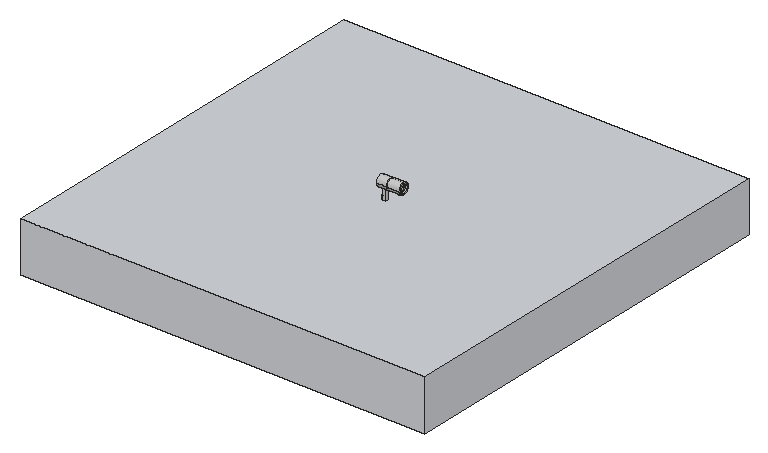
Revit family "LAMP_HANCE 48V 1000-2000 SPOT", category Luminarias, Revit 2015
Parameters (values of type "657LM 2700 SPOT BLACK")
  Weight = 0.435 kg
  Type = "COB PHILIPS"
  Tilting angle [instance] = 90.00°
  Tilting [instance] = if(Tilting angle < 0.00°, 0.00°, if(Tilting angle > 90.00°, 90.00°, Tilting angle))  # 90.00°
  Rotation angle [instance] = 90.00°
  Protection rating = "IP20"
  Product datasheet = "http://www.lamp.es/product-files/TECH/HS1TL10SP827NBB-EN.pdf"
  Product code = "HS1TL10SP827NBB"
  Product URL = "https://www.lamp.es/en/family/hance-48v_195581"
  Power Supply = "48V DC"
  Power = 9 W
  Plum = 9.4 W
  Photometric web file = Cuerpo Hance 48V BASE 1000_2000 (tilting)_SP : 657LM 2700 SPOT BLACK
  Modelo = Product code  # "HS1TL10SP827NBB"
  Model explanation = "Availability of tilting between 0º and 90º, rotation between 0º and 355º and change ring color when placed in a project."
  Material tija = LAMP_Aluminio Hance Negro
  Manufacturer name = "LAMP"
  Manufacturer country = "Spain"
  Manufacturer URL = "http://www.lamp.es/en"
  MacAdam = "3"
  Luminaire type = "Indoor - Spotlight"
  Last update = "28/03/2019"
  Lamp = "COB LED"
  LED Lifetime = "50.000 L90 B10"
  Insulation class = "III"
  Installation instructions = "https://www.lamp.es/product-files/INS/1004290-B-INSTR.%20DE%20MONTAJE%20HANCE%2048V.pdf"
  Initial intensity = 657 lm
  Initial color = 2700 K
  IEE = "A+"
  Height = 135 mm
  Gear = "Electronic"
  Finish = "RAL9011 textured"
  Fabricante = Manufacturer name  # "LAMP"
  Default Elevation = 1219.2 mm
  Efficacy = 70 lm/W
  Diameter = 65 mm
  Descripción = "HANCE TRACK 48 1000 VWW SP BK."
  Decorative ring [instance] = Aro decorativo 48V (tilting) (1000-2000) : Black
  Comentarios de tipo = Model explanation  # "Availability of tilting between 0º and 90º, rotation between 0º and 355º and change ring color when placed in a project."
  CRI = "80"
Types (12, lengths in mm): name | Product datasheet | Product code | Power | Plum | Photometric web file | Modelo | Material tija | LED Lifetime | Initial intensity | Initial color | Finish | Efficacy | Descripción
  657LM 2700 SPOT BLACK | "http://www.lamp.es/product-files/TECH/HS1TL10SP827NBB-EN.pdf" | "HS1TL10SP827NBB" | 9 W | 9.4 W | Cuerpo Hance 48V BASE 1000_2000 (tilting)_SP : 657LM 2700 SPOT BLACK | "HS1TL10SP827NBB" | LAMP_Aluminio Hance Negro | "50.000 L90 B10" | 657 lm | 2700 K | "RAL9011 textured" | 70 lm/W | "HANCE TRACK 48 1000 VWW SP BK."
  657LM 2700 SPOT WHITE | "http://www.lamp.es/product-files/TECH/HS1TL10SP827NBW-EN.pdf" | "HS1TL10SP827NBW" | 9 W | 9.4 W | Cuerpo Hance 48V BASE 1000_2000 (tilting)_SP : 657LM 2700 SPOT WHITE | "HS1TL10SP827NBW" | LAMP_Aluminio Hance Blanco | "50.000 L90 B10" | 657 lm | 2700 K | "RAL9010 textured" | 70 lm/W | "HANCE TRACK 48 1000 VWW SP WH."
  670LM 3000 SPOT BLACK | "http://www.lamp.es/product-files/TECH/HS1TL10SP830NBB-EN.pdf" | "HS1TL10SP830NBB" | 9 W | 9.4 W | Cuerpo Hance 48V BASE 1000_2000 (tilting)_SP : 670LM 3000 SPOT BLACK | "HS1TL10SP830NBB" | LAMP_Aluminio Hance Negro | "50.000 L90 B10" | 670 lm | 3000 K | "RAL9011 textured" | 71 lm/W | "HANCE TRACK 48 1000 WW SP BK."
  670LM 3000 SPOT WHITE | "http://www.lamp.es/product-files/TECH/HS1TL10SP830NBW-EN.pdf" | "HS1TL10SP830NBW" | 9 W | 9.4 W | Cuerpo Hance 48V BASE 1000_2000 (tilting)_SP : 670LM 3000 SPOT WHITE | "HS1TL10SP830NBW" | LAMP_Aluminio Hance Blanco | "50.000 L90 B10" | 670 lm | 3000 K | "RAL9010 textured" | 71 lm/W | "HANCE TRACK 48 1000 WW SP WH."
  710LM 4000 SPOT BLACK | "http://www.lamp.es/product-files/TECH/HS1TL10SP840NBB-EN.pdf" | "HS1TL10SP840NBB" | 9 W | 9.4 W | Cuerpo Hance 48V BASE 1000_2000 (tilting)_SP : 710LM 4000 SPOT BLACK | "HS1TL10SP840NBB" | LAMP_Aluminio Hance Negro | "50.000 L90 B10" | 710 lm | 4000 K | "RAL9011 textured" | 76 lm/W | "HANCE TRACK 48 1000 NW SP BK."
  710LM 4000 SPOT WHITE | "http://www.lamp.es/product-files/TECH/HS1TL10SP840NBW-EN.pdf" | "HS1TL10SP840NBW" | 9 W | 9.4 W | Cuerpo Hance 48V BASE 1000_2000 (tilting)_SP : 710LM 4000 SPOT WHITE | "HS1TL10SP840NBW" | LAMP_Aluminio Hance Blanco | "50.000 L90 B10" | 710 lm | 4000 K | "RAL9010 textured" | 76 lm/W | "HANCE TRACK 48 1000 NW SP WH."
  1427LM 2700 SPOT BLACK | "http://www.lamp.es/product-files/TECH/HS1TL20SP827NBB-EN.pdf" | "HS1TL20SP827NBB" | 18 W | 16.9 W | Cuerpo Hance 48V BASE 1000_2000 (tilting)_SP : 1427LM 2700 SPOT BLACK | "HS1TL20SP827NBB" | LAMP_Aluminio Hance Negro | "50.000 L80 B10" | 1427 lm | 2700 K | "RAL9011 textured" | 84 lm/W | "HANCE TRACK 48 2000 VWW SP BK."
  1427LM 2700 SPOT WHITE | "http://www.lamp.es/product-files/TECH/HS1TL20SP827NBW-EN.pdf" | "HS1TL20SP827NBW" | 18 W | 16.9 W | Cuerpo Hance 48V BASE 1000_2000 (tilting)_SP : 1427LM 2700 SPOT WHITE | "HS1TL20SP827NBW" | LAMP_Aluminio Hance Blanco | "50.000 L80 B10" | 1427 lm | 2700 K | "RAL9010 textured" | 84 lm/W | "HANCE TRACK 48 2000 VWW SP WH."
  1456LM 3000 SPOT BLACK | "http://www.lamp.es/product-files/TECH/HS1TL20SP830NBB-EN.pdf" | "HS1TL20SP830NBB" | 18 W | 16.9 W | Cuerpo Hance 48V BASE 1000_2000 (tilting)_SP : 1456LM 3000 SPOT BLACK | "HS1TL20SP830NBB" | LAMP_Aluminio Hance Negro | "50.000 L80 B10" | 1456 lm | 3000 K | "RAL9011 textured" | 86 lm/W | "HANCE TRACK 48 2000 WW SP BK."
  1456LM 3000 SPOT WHITE | "http://www.lamp.es/product-files/TECH/HS1TL20SP830NBW-EN.pdf" | "HS1TL20SP830NBW" | 18 W | 16.9 W | Cuerpo Hance 48V BASE 1000_2000 (tilting)_SP : 1456LM 3000 SPOT WHITE | "HS1TL20SP830NBW" | LAMP_Aluminio Hance Blanco | "50.000 L80 B10" | 1456 lm | 3000 K | "RAL9010 textured" | 86 lm/W | "HANCE TRACK 48 2000 WW SP WH."
  1542LM 4000 SPOT BLACK | "http://www.lamp.es/product-files/TECH/HS1TL20SP840NBB-EN.pdf" | "HS1TL20SP840NBB" | 18 W | 16.9 W | Cuerpo Hance 48V BASE 1000_2000 (tilting)_SP : 1542LM 4000 SPOT BLACK | "HS1TL20SP840NBB" | LAMP_Aluminio Hance Negro | "50.000 L80 B10" | 1542 lm | 4000 K | "RAL9011 textured" | 91 lm/W | "HANCE TRACK 48 2000 NW SP BK."
  1542LM 4000 SPOT WHITE | "http://www.lamp.es/product-files/TECH/HS1TL20SP840NBW-EN.pdf" | "HS1TL20SP840NBW" | 18 W | 16.9 W | Cuerpo Hance 48V BASE 1000_2000 (tilting)_SP : 1542LM 4000 SPOT WHITE | "HS1TL20SP840NBW" | LAMP_Aluminio Hance Blanco | "50.000 L80 B10" | 1542 lm | 4000 K | "RAL9010 textured" | 91 lm/W | "HANCE TRACK 48 2000 NW SP WH."
Reference planes
  plane 1 "Centro (Frontal/Posterior)": y = 0
  plane 2: z = 0
  plane 3 "Centro (Izquierda/Derecha)": x = 0
Forms (mm)
  Extrusion 1, solid
    sketch origin (0, 0, 0) x (1, 0, 0) y (0, 1, 0)
      loop
        line (-1219.2, 1219.2) -> (-1219.2, -1219.2) -> (1219.2, -1219.2) -> (1219.2, 1219.2) -> (-1219.2, 1219.2)
    from 0 to -304.8
Lines and regions (mm)
  reference lines
    curve 1: line (0, 0, 0) -> (35, 0, 0)
Text (mm)
  text "Any modification of the parameters and properties of the LAMP BIM models must be executed and validated by the LAMP technical department.\n\nPhone: +34 93 736 68 00\n\nE-mail: lamp@lamp.es\n\n\n\nLAMP reserves the right to modify the technical specifications of its products." at (-20834.097, 15882.061, -4447.286), in view "Preview"
Dimensions and locks
  "Rotation angle": angle curve 1 to plane 3 "Centro (Izquierda/Derecha)"
  aligned and locked: plane 2 to Extrusion 1
  aligned and locked: level to Extrusion 1
  aligned and locked: plane 3 "Centro (Izquierda/Derecha)" to curve 1
  aligned and locked: plane 1 "Centro (Frontal/Posterior)" to curve 1
Automatic sketch dimensions
  Extrusion 1 sketch curve to Extrusion 1 sketch curve = 2438.4 mm  (x2)
Nested families
  nested 1: "Tija 48V (1000-2000)" at (4.1, 0, 0), type "Tija 48V"
  nested 2: "Cuerpo Hance 48V BASE 1000_2000 (tilting)_SP" at (1.081, -1.967, 77.249) x (1, 0, 0) z (0, 0, -1), type <- "Photometric web file", type "657LM 2700 SPOT BLACK"
  nested 3: "Aro decorativo 48V (tilting) (1000-2000)" at (57.856, 0, 77.274) x (0, 0, 1) z (1, 0, 0), type <- "Decorative ring", type "Black"
    with Tilting 0.00°
Definition of nested family "Tija 48V (1000-2000)"
  Parameters (values of type "Tija 48V")
    Profundidad tija = 18 mm
    Material tija = none
    Default Elevation = 1219.2 mm
    Diametro vaciado redondo = if(Anchura tija = 20 mm, 10 mm, 7.5 mm)  # 10 mm
    Anchura tija = 20 mm
    Profundo vaciado = if(Profundidad tija = 18 mm, 10.8 mm, 1 mm)  # 10.8 mm
    Ancho vaciado = Anchura tija  # 20 mm
    Altura tija = 88.5 mm
  Reference planes
    plane 1 "Centro (Frontal/Posterior)": y = 0
    plane 2: z = 0
    plane 3 "Centro (Izquierda/Derecha)": x = 0
  Forms (mm)
    Extrusion 1, solid
      sketch origin (0, 0, 0) x (1, 0, 0) y (0, 1, 0)
        loop
          line (-1219.2, 1219.2) -> (-1219.2, -1219.2) -> (1219.2, -1219.2) -> (1219.2, 1219.2) -> (-1219.2, 1219.2)
      from 0 to -304.8
    Extrusion 2, solid, material <- "Material tija"
      sketch origin (0, 0, -18) x (1, 0, 0) y (0, 0, 1)
        loop
          line (13.9, 18) -> (13.9, 106.5) -> (-6.297, 106.5)
          arc (-6.297, 106.5) -> (-12.297, 100.5) -> (-6.297, 94.5) r 6
          line (-6.297, 94.5) -> (-4.1, 94.5) -> (-4.1, 40) -> (-18.142, 40) -> (-18.142, 18) -> (-4.1, 18) -> (13.9, 18)
      from -10 to 10
    Extrusion 3, void
      sketch origin (10.8, -11.5, 0) x (-1, 0, 0) y (0, 1, 0)
        loop
          line (0, 21.5) -> (-28.341, 21.5) -> (-28.341, 1.5) -> (0, 1.5)
          arc (0, 1.5) -> (-1.264, 11.5) -> (0, 21.5) r 40.201
      from -132.265 to 0
    Extrusion 4, void
      sketch origin (27.648, 0, 0) x (1, 0, 0) y (0, 1, 0)
        loop
          line (-31.748, 10) -> (-31.748, 20) -> (-61.648, 20) -> (-61.648, -18.394) -> (-31.748, -18.394) -> (-31.748, -10)
          arc (-31.748, -10) -> (-41.748, 0) -> (-31.748, 10) r 10
      from 0 to 22
    Extrusion 5, void
      sketch origin (0, 0, 0) x (1, 0, 0) y (0, 0, 1)
        loop
          circle (-7.621, 82.5) r 3.125
        loop
          circle (-7.621, 46.9) r 3.125
      from -21.347 to 27.483
  Cuts and joins
    Extrusion 3, Extrusion 4, Extrusion 5 cuts Extrusion 2
  Lines and regions (mm)
    reference lines
      curve 1: line (10.8, -11.5, 0) -> (10.8, 11.5, 0)
  Dimensions and locks
    equal spacing: cut or joined group of Extrusion 2, Extrusion 3, Extrusion 4, Extrusion 5, plane 1 "Centro (Frontal/Posterior)", cut or joined group of Extrusion 2, Extrusion 3, Extrusion 4, Extrusion 5
    "Anchura tija": cut or joined group of Extrusion 2, Extrusion 3, Extrusion 4, Extrusion 5 to cut or joined group of Extrusion 2, Extrusion 3, Extrusion 4, Extrusion 5
    plane 1 "Centro (Frontal/Posterior)" to Extrusion 3 sketch curve = 10 mm
    "Altura tija": Extrusion 2 sketch curve to Extrusion 2 sketch curve
    "Profundidad tija": cut or joined group of Extrusion 2, Extrusion 3, Extrusion 4, Extrusion 5 to cut or joined group of Extrusion 2, Extrusion 3, Extrusion 4, Extrusion 5
    locked: cut or joined group of Extrusion 2, Extrusion 3, Extrusion 4, Extrusion 5 to plane 3 "Centro (Izquierda/Derecha)" at 4.1
    locked: plane 3 "Centro (Izquierda/Derecha)" to Extrusion 3 sketch curve at 39.141
    "Profundo vaciado": plane 3 "Centro (Izquierda/Derecha)" to curve 1
    "Ancho vaciado": Extrusion 3 sketch curve to Extrusion 3 sketch curve
    equal spacing: Extrusion 3 sketch curve, plane 1 "Centro (Frontal/Posterior)", Extrusion 3 sketch curve
    "Diametro vaciado redondo": radius of Extrusion 4 sketch curve
    aligned and locked: plane 2 to Extrusion 1
    aligned and locked: level to Extrusion 1
  Automatic sketch dimensions
    Extrusion 1 sketch curve to Extrusion 1 sketch curve = 2438.4 mm  (x2)
    Extrusion 5 sketch curve to plane 3 "Centro (Izquierda/Derecha)" = 7.621 mm  (x2)
    level to Extrusion 5 sketch curve = 46.9 mm
    Extrusion 5 sketch curve to Extrusion 5 sketch curve = 35.6 mm
    Extrusion 5 sketch curve to Extrusion 5 sketch curve = 3.125 mm  (x2)
    Extrusion 2 sketch curve to level = 0 mm
    Extrusion 2 sketch curve to plane 3 "Centro (Izquierda/Derecha)" = 18.142 mm
    Extrusion 2 sketch curve to plane 3 "Centro (Izquierda/Derecha)" = 6.297 mm
    Extrusion 2 sketch curve to plane 3 "Centro (Izquierda/Derecha)" = 4.1 mm  (x2)
    plane 3 "Centro (Izquierda/Derecha)" to Extrusion 2 sketch curve = 13.9 mm
    level to Extrusion 2 sketch curve = 22 mm
    Extrusion 2 sketch curve to Extrusion 2 sketch curve = 12 mm
    plane 1 "Centro (Frontal/Posterior)" to curve 1 = 11.5 mm
    curve 1 to plane 1 "Centro (Frontal/Posterior)" = 11.5 mm
    Extrusion 3 sketch curve to curve 1 = 0 mm  (x2)
    curve 1 to Extrusion 3 sketch curve = 38.937 mm
    plane 1 "Centro (Frontal/Posterior)" to Extrusion 4 sketch curve = 0 mm
    Extrusion 4 sketch curve to plane 3 "Centro (Izquierda/Derecha)" = 34 mm
    Extrusion 4 sketch curve to plane 3 "Centro (Izquierda/Derecha)" = 4.1 mm
    plane 1 "Centro (Frontal/Posterior)" to Extrusion 4 sketch curve = 18.394 mm
    Extrusion 4 sketch curve to Extrusion 4 sketch curve = 10 mm
Definition of nested family "Cuerpo Hance 48V BASE 1000_2000 (tilting)_SP"
  Parameters (values of type "657LM 2700 SPOT BLACK")
    Tilting = 90.00°
    Photometric web file = Cuerpo Hance 48V BASE 1000_2000_SP : 657LM 2700 SPOT BLACK
    Longitud cuerpo = 135 mm
    Default Elevation = 1219.2 mm
  Types (13, lengths in mm): name | Photometric web file
    (no name) | Cuerpo Hance 48V BASE 1000_2000_SP : 657LM 2700 SPOT BLACK
    657LM 2700 SPOT BLACK | Cuerpo Hance 48V BASE 1000_2000_SP : 657LM 2700 SPOT BLACK
    657LM 2700 SPOT WHITE | Cuerpo Hance 48V BASE 1000_2000_SP : 657LM 2700 SPOT WHITE
    670LM 3000 SPOT BLACK | Cuerpo Hance 48V BASE 1000_2000_SP : 670LM 3000 SPOT BLACK
    670LM 3000 SPOT WHITE | Cuerpo Hance 48V BASE 1000_2000_SP : 670LM 3000 SPOT WHITE
    710LM 4000 SPOT BLACK | Cuerpo Hance 48V BASE 1000_2000_SP : 710LM 4000 SPOT BLACK
    710LM 4000 SPOT WHITE | Cuerpo Hance 48V BASE 1000_2000_SP : 710LM 4000 SPOT WHITE
    1427LM 2700 SPOT BLACK | Cuerpo Hance 48V BASE 1000_2000_SP : 1427LM 2700 SPOT BLACK
    1427LM 2700 SPOT WHITE | Cuerpo Hance 48V BASE 1000_2000_SP : 1427LM 2700 SPOT WHITE
    1456LM 3000 SPOT BLACK | Cuerpo Hance 48V BASE 1000_2000_SP : 1456LM 3000 SPOT BLACK
    1456LM 3000 SPOT WHITE | Cuerpo Hance 48V BASE 1000_2000_SP : 1456LM 3000 SPOT WHITE
    1542LM 4000 SPOT BLACK | Cuerpo Hance 48V BASE 1000_2000_SP : 1542LM 4000 SPOT BLACK
    1542LM 4000 SPOT WHITE | Cuerpo Hance 48V BASE 1000_2000_SP : 1542LM 4000 SPOT WHITE
  Reference planes
    plane 1 "Centro (Frontal/Posterior)": y = 0
    plane 2: z = 0
    plane 3 "Centro (Izquierda/Derecha)": x = 0
  Lines and regions (mm)
    reference lines
      curve 1: line (0, 0, 0) -> (200, 0, 0)
  Dimensions and locks
    "Tilting": angle plane 3 "Centro (Izquierda/Derecha)" to curve 1
    aligned and locked: level to plane 2
    aligned and locked: plane 3 "Centro (Izquierda/Derecha)" to curve 1
    aligned and locked: plane 2 to curve 1
  Nested families
    nested 1: "Cuerpo Hance 48V BASE 1000_2000_SP" at (21.857, -1.967, 11.25), type <- "Photometric web file", type "657LM 2700 SPOT BLACK"
  Definition of nested family "Cuerpo Hance 48V BASE 1000_2000_SP"
    Parameters (values of type "657LM 2700 SPOT BLACK")
      Tilt Angle = 90.00° + Tilting  # 180.00°
      Wattage = 9.4 W
      Tilting = 90.00°
      built-in parameter 1150107 = 2700 (stored number, unit not read)
      Radio vacio posterior = Radio cuerpo - 2.2 mm  # 30.3 mm
      Radio vaciado = Radio cuerpo - 1.5 mm  # 31 mm
      Radio optica = if(Radio cuerpo = 20 mm, 10 mm, 23 mm)  # 23 mm
      Radio cuerpo = if(Longitud cuerpo = 78 mm, 20 mm, 32.5 mm)  # 32.5 mm
      built-in parameter 1150110 = 1 (stored number, unit not read)
      built-in parameter 1150109 = 1 (stored number, unit not read)
      built-in parameter 1150112 = 1 (stored number, unit not read)
      built-in parameter 1150113 = 1 (stored number, unit not read)
      built-in parameter 1114218 = 1 (stored number, unit not read)
      built-in parameter 1150137 = (empty or 0)
      built-in parameter 1150132 = 2
      Material reflector = none
      Material optica = none
      Material cuerpo = none
      Material COB = none
      Longitud cuerpo = 135 mm
      Long. origen luz = if(Longitud cuerpo = 78 mm, 20 mm, 77 mm)  # 77 mm
      L_2 = if(Ancho disipador posterior = 32 mm, 9.5 mm, 21 mm)  # 21 mm
      L_1 = if(Ancho disipador posterior = 32 mm, 13 mm, 27 mm)  # 27 mm
      built-in parameter 1150105 = 3534.8 (stored number, unit not read)
      built-in parameter 1150102 = (empty or 0)
      built-in parameter 1150106 = 35.348 (stored number, unit not read)
      Lumens = 658 lm
      Color Filter = 16777215
      built-in parameter 1114217 = 1 (stored number, unit not read)
      built-in parameter 1150139 = (empty or 0)
      Default Elevation = 1219.2 mm
      built-in parameter 1150104 = 6.5032 (stored number, unit not read)
      Efficacy = 70 lm/W
      Diametro aro = if(Radio cuerpo = 20 mm, 17.9 mm, 30.4 mm)  # 30.4 mm
      built-in parameter 1150115 = 1 (stored number, unit not read)
      built-in parameter 1150114 = 1 (stored number, unit not read)
      built-in parameter 1150138 = (empty or 0)
      built-in parameter 1150134 = (empty or 0)
      Dimming Lamp Color Temperature Shift = (empty or 0)
      Photometric Web File = "HS1TL10SP827NBB.IES"
      Ancho vaciado reflector = Ancho reflector - 1 mm  # 23 mm
      Ancho reflector = 24 mm
      Ancho disipador posterior = if(Radio cuerpo = 20 mm, 32 mm, 57 mm)  # 57 mm
      built-in parameter 1150133 = 10 (stored number, unit not read)
      Altura disipador superior = if(Radio cuerpo = 20 mm, 44.3 mm, 45.3 mm)  # 45.3 mm
      Ancho disipador superior = if(Radio cuerpo = 20 mm, 16.8 mm, 22.6 mm)  # 22.6 mm
    Types (12, lengths in mm): name | Wattage | built-in parameter 1150107 | built-in parameter 1150105 | built-in parameter 1150106 | Lumens | built-in parameter 1150104 | Efficacy | built-in parameter 1150134 | Photometric Web File
      657LM 2700 SPOT BLACK | 9.4 W | 2700 (stored number, unit not read) | 3534.8 (stored number, unit not read) | 35.348 (stored number, unit not read) | 658 lm | 6.5032 (stored number, unit not read) | 70 lm/W | (empty or 0) | "HS1TL10SP827NBB.IES"
      657LM 2700 SPOT WHITE | 9.4 W | 2700 (stored number, unit not read) | 3534.8 (stored number, unit not read) | 35.348 (stored number, unit not read) | 658 lm | 6.5032 (stored number, unit not read) | 70 lm/W | (empty or 0) | "HS1TL10SP827NBW.IES"
      670LM 3000 SPOT BLACK | 9.4 W | 3000 (stored number, unit not read) | 3585.3 (stored number, unit not read) | 35.853 (stored number, unit not read) | 667.4 lm | 6.5961 (stored number, unit not read) | 71 lm/W | (empty or 0) | "HS1TL10SP830NBB.IES"
      670LM 3000 SPOT WHITE | 9.4 W | 3000 (stored number, unit not read) | 3585.3 (stored number, unit not read) | 35.853 (stored number, unit not read) | 667.4 lm | 6.5961 (stored number, unit not read) | 71 lm/W | (empty or 0) | "HS1TL10SP830NBW.IES"
      710LM 4000 SPOT BLACK | 9.4 W | 4000 (stored number, unit not read) | 3837.8 (stored number, unit not read) | 38.378 (stored number, unit not read) | 714.4 lm | 7.0606 (stored number, unit not read) | 76 lm/W | 12 | "HS1TL10SP840NBB.IES"
      710LM 4000 SPOT WHITE | 9.4 W | 4000 (stored number, unit not read) | 3837.8 (stored number, unit not read) | 38.378 (stored number, unit not read) | 714.4 lm | 7.0606 (stored number, unit not read) | 76 lm/W | 12 | "HS1TL10SP840NBW.IES"
      1427LM 2700 SPOT BLACK | 16.9 W | 2700 (stored number, unit not read) | 7626.1 (stored number, unit not read) | 76.261 (stored number, unit not read) | 1419.6 lm | 7.8039 (stored number, unit not read) | 84 lm/W | (empty or 0) | "HS1TL20SP827NBB.IES"
      1427LM 2700 SPOT WHITE | 16.9 W | 2700 (stored number, unit not read) | 7626.1 (stored number, unit not read) | 76.261 (stored number, unit not read) | 1419.6 lm | 7.8039 (stored number, unit not read) | 84 lm/W | (empty or 0) | "HS1TL20SP827NBW.IES"
      1456LM 3000 SPOT BLACK | 16.9 W | 2700 (stored number, unit not read) | 8057 (stored number, unit not read) | 80.57 (stored number, unit not read) | 1453.4 lm | 7.9897 (stored number, unit not read) | 86 lm/W | (empty or 0) | "HS1TL20SP830NBB.IES"
      1456LM 3000 SPOT WHITE | 16.9 W | 3000 (stored number, unit not read) | 8057 (stored number, unit not read) | 80.57 (stored number, unit not read) | 1453.4 lm | 7.9897 (stored number, unit not read) | 86 lm/W | (empty or 0) | "HS1TL20SP830NBW.IES"
      1542LM 4000 SPOT BLACK | 16.9 W | 4000 (stored number, unit not read) | 8525.4 (stored number, unit not read) | 85.254 (stored number, unit not read) | 1537.9 lm | 8.4542 (stored number, unit not read) | 91 lm/W | 12 | "HS1TL20SP840NBB.IES"
      1542LM 4000 SPOT WHITE | 16.9 W | 4000 (stored number, unit not read) | 8525.4 (stored number, unit not read) | 85.254 (stored number, unit not read) | 1537.9 lm | 8.4542 (stored number, unit not read) | 91 lm/W | 12 | "HS1TL20SP840NBW.IES"
    Reference planes
      plane 1 "Centro (Frontal/Posterior)": y = 0
      plane 2: z = 0
      plane 3 "Centro (Izquierda/Derecha)": x = 0
    Forms (mm)
      Extrusion 1, solid, material <- "Material cuerpo"
        sketch origin (0, 0, 0) x (0, -1, 0) y (0, 0, 1)
          loop
            circle (0, -27.875) r 32.5
        from -93 to 42
      Extrusion 2, void
        sketch origin (0, 0, 0) x (0, 1, 0) y (0, 0, 1)
          loop
            line (11.3, 30) -> (-11.3, 30) -> (-11.3, -15.3)
            arc (-11.3, -15.3) -> (0, -16.149) -> (11.3, -15.3) r 75.643
            line (11.3, -15.3) -> (11.3, 30)
        from -42 to -9.283
      Extrusion 3, void
        sketch origin (0, 0, 0) x (0, 1, 0) y (0, 0, 1)
          loop
            circle (0, -27.875) r 30.3
        from -42 to -41
      Extrusion 4, void
        sketch origin (0, 0, 0) x (0, 1, 0) y (0, 0, 1)
          loop
            line (28.5, -26.291) -> (-28.5, -26.291)
            arc (-28.5, -26.291) -> (-29.7, -27.491) -> (-28.5, -28.691) r 1.2
            line (-28.5, -28.691) -> (28.5, -28.691)
            arc (28.5, -28.691) -> (29.7, -27.491) -> (28.5, -26.291) r 1.2
          loop
            line (28.115, -30.891) -> (-28.115, -30.891)
            arc (-28.115, -30.891) -> (-29.315, -32.091) -> (-28.115, -33.291) r 1.2
            line (-28.115, -33.291) -> (28.115, -33.291)
            arc (28.115, -33.291) -> (29.315, -32.091) -> (28.115, -30.891) r 1.2
          loop
            line (27, -35.404) -> (-25.984, -35.404)
            arc (-25.984, -35.404) -> (-27.184, -36.604) -> (-25.984, -37.804) r 1.2
            line (-25.984, -37.804) -> (27, -37.804)
            arc (27, -37.804) -> (28.2, -36.604) -> (27, -35.404) r 1.2
          loop
            line (21, -39.58) -> (-21.697, -39.58)
            arc (-21.697, -39.58) -> (-22.897, -40.78) -> (-21.697, -41.98) r 1.2
            line (-21.697, -41.98) -> (21, -41.98)
            arc (21, -41.98) -> (22.2, -40.78) -> (21, -39.58) r 1.2
        from -42 to -38.7
      Extrusion 5, void
        sketch origin (0, 0, 0) x (-1, 0, 0) y (0, -1, 0)
          loop
            line (37.7, -6.3) -> (37.7, 6.3)
            arc (37.7, 6.3) -> (36.6, 7.4) -> (35.5, 6.3) r 1.1
            line (35.5, 6.3) -> (35.5, -6.3)
            arc (35.5, -6.3) -> (36.6, -7.4) -> (37.7, -6.3) r 1.1
          loop
            line (28.9, -6.3) -> (28.9, 6.3)
            arc (28.9, 6.3) -> (27.8, 7.4) -> (26.7, 6.3) r 1.1
            line (26.7, 6.3) -> (26.7, -6.3)
            arc (26.7, -6.3) -> (27.8, -7.4) -> (28.9, -6.3) r 1.1
          loop
            line (20.1, -6.3) -> (20.1, 6.3)
            arc (20.1, 6.3) -> (19, 7.4) -> (17.9, 6.3) r 1.1
            line (17.9, 6.3) -> (17.9, -6.3)
            arc (17.9, -6.3) -> (19, -7.4) -> (20.1, -6.3) r 1.1
        from -18.74 to 30
      Extrusion 6, void
        sketch origin (0, 0, 0) x (-1, 0, 0) y (0, -1, 0)
          loop
            line (33.3, -6.3) -> (33.3, 6.3)
            arc (33.3, 6.3) -> (32.2, 7.4) -> (31.1, 6.3) r 1.1
            line (31.1, 6.3) -> (31.1, -6.3)
            arc (31.1, -6.3) -> (32.2, -7.4) -> (33.3, -6.3) r 1.1
          loop
            line (24.5, -6.3) -> (24.5, 6.3)
            arc (24.5, 6.3) -> (23.4, 7.4) -> (22.3, 6.3) r 1.1
            line (22.3, 6.3) -> (22.3, -6.3)
            arc (22.3, -6.3) -> (23.4, -7.4) -> (24.5, -6.3) r 1.1
        from -16.455 to 30
      Extrusion 7, void
        sketch origin (0, 0, 0) x (0, 1, 0) y (0, 0, 1)
          loop
            circle (0, -27.875) r 31
        from 17.213 to 93
      Extrusion 8, solid, material <- "Material COB"
        sketch origin (0, 0, 0) x (0, -1, 0) y (0, 0, 1)
          loop
            circle (0, -27.875) r 7.733
        from -75.2 to -74.213
      Revolve 9, solid, material <- "Material reflector"
        sketch origin (0, 0, 0) x (1, 0, 0) y (0, 0, 1)
          loop
            line (79.5, -3.875) -> (74.213, -6.142) -> (73.213, -6.57) -> (73.213, -27.875) -> (74.213, -27.875) -> (74.213, -20.142) -> (75.2, -20.142) -> (79.5, -4.875) -> (79.5, -3.875)
          axis (73.213, -27.875) -> (79.5, -27.875)
        angle from 0 to 360
    Cuts and joins
      Extrusion 2, Extrusion 3, Extrusion 4, Extrusion 5, Extrusion 6, Extrusion 7 cuts Extrusion 1
    Lines and regions (mm)
      reference lines
        curve 1: line (0, 0, 0) -> (178.042, 0, 0)
        curve 2: line (36, 0, -27.875) -> (113, 0, -27.875)
        curve 3: line (0, 0, 0) -> (0, 0, -75)
        curve 4: line (36, 0, -22.875) -> (36, 0, -32.875)
    Text (mm)
      text "Any modification of the parameters and properties of the LAMP BIM models must be executed and validated by the LAMP technical department.\n\nPhone: +34 93 736 68 00\n\nE-mail: lamp@lamp.es\n\n\n\nLAMP reserves the right to modify the technical specifications of its products." at (97482.136, -81600.41, 57308.082), in view "Preview"
    Dimensions and locks
      "Longitud cuerpo": cut or joined group of Extrusion 1, Extrusion 2, Extrusion 3, Extrusion 4, Extrusion 5, Extrusion 6, Extrusion 7 to cut or joined group of Extrusion 1, Extrusion 2, Extrusion 3, Extrusion 4, Extrusion 5, Extrusion 6, Extrusion 7
      locked: cut or joined group of Extrusion 1, Extrusion 2, Extrusion 3, Extrusion 4, Extrusion 5, Extrusion 6, Extrusion 7 to curve 3 at 42
      "Long. origen luz": curve 4 to curve 2
      equal spacing: Extrusion 4 sketch curve, plane 1 "Centro (Frontal/Posterior)", Extrusion 4 sketch curve
      "Ancho disipador posterior": Extrusion 4 sketch curve to Extrusion 4 sketch curve
      "L_1": Extrusion 4 sketch curve to plane 1 "Centro (Frontal/Posterior)"
      "L_2": Extrusion 4 sketch curve to curve 3
      equal spacing: Extrusion 2 sketch curve, plane 1 "Centro (Frontal/Posterior)", Extrusion 2 sketch curve
      "Ancho disipador superior": Extrusion 2 sketch curve to Extrusion 2 sketch curve
      "Altura disipador superior": Extrusion 2 sketch curve to Extrusion 2 sketch curve
      locked: plane 2 to Extrusion 2 sketch curve at 30
      locked: Extrusion 8 to Extrusion 8 at 0.987
      locked: cut or joined group of Extrusion 1, Extrusion 2, Extrusion 3, Extrusion 4, Extrusion 5, Extrusion 6, Extrusion 7 to Extrusion 8 at 17.8
      "Ancho reflector": Revolve 9 sketch curve to imposter light
      locked: Revolve 9 to cut or joined group of Extrusion 1, Extrusion 2, Extrusion 3, Extrusion 4, Extrusion 5, Extrusion 6, Extrusion 7 at 13.5
      "Radio cuerpo": radius of Extrusion 1 sketch curve
      "Radio vaciado": radius of Extrusion 7 sketch curve
      "Radio vacio posterior": radius of Extrusion 3 sketch curve
      "Tilting": angle plane 3 "Centro (Izquierda/Derecha)" to curve 1
      aligned and locked: level to plane 2
      aligned and locked: imposter light to curve 2  (x2)
      aligned and locked: cut or joined group of Extrusion 1, Extrusion 2, Extrusion 3, Extrusion 4, Extrusion 5, Extrusion 6, Extrusion 7 to cut or joined group of Extrusion 1, Extrusion 2, Extrusion 3, Extrusion 4, Extrusion 5, Extrusion 6, Extrusion 7
    Automatic sketch dimensions
      Extrusion 8 sketch curve to plane 1 "Centro (Frontal/Posterior)" = 0 mm
      curve 1 to Extrusion 5 sketch curve = 17.9 mm
      Extrusion 5 sketch curve to Extrusion 5 sketch curve = 1.1 mm  (x3)
      Extrusion 5 sketch curve to Extrusion 5 sketch curve = 6.6 mm  (x2)
      Extrusion 5 sketch curve to curve 1 = 6.3 mm  (x3)
      curve 1 to Extrusion 5 sketch curve = 6.3 mm  (x3)
      Extrusion 6 sketch curve to curve 1 = 6.3 mm  (x2)
      curve 1 to Extrusion 6 sketch curve = 22.3 mm
      Extrusion 6 sketch curve to Extrusion 6 sketch curve = 1.1 mm  (x2)
      Extrusion 6 sketch curve to Extrusion 6 sketch curve = 6.6 mm
      curve 1 to Extrusion 6 sketch curve = 6.3 mm
      Extrusion 6 sketch curve to Extrusion 6 sketch curve = 0 mm
      Extrusion 1 sketch curve to plane 1 "Centro (Frontal/Posterior)" = 0 mm
      Extrusion 1 sketch curve to level = 27.875 mm
      Extrusion 2 sketch curve to plane 1 "Centro (Frontal/Posterior)" = 0 mm
      Extrusion 2 sketch curve to Extrusion 2 sketch curve = 29.494 mm
      Extrusion 3 sketch curve to plane 1 "Centro (Frontal/Posterior)" = 0 mm
      Extrusion 3 sketch curve to level = 27.875 mm
      Extrusion 4 sketch curve to Extrusion 4 sketch curve = 0.385 mm  (x2)
      Extrusion 4 sketch curve to Extrusion 4 sketch curve = 2.132 mm
      Extrusion 4 sketch curve to Extrusion 4 sketch curve = 4.287 mm
      Extrusion 4 sketch curve to level = 41.98 mm
      Extrusion 4 sketch curve to Extrusion 4 sketch curve = 1.2 mm  (x4)
      Extrusion 4 sketch curve to Extrusion 4 sketch curve = 1.776 mm
      Extrusion 4 sketch curve to Extrusion 4 sketch curve = 2.113 mm
      Extrusion 4 sketch curve to Extrusion 4 sketch curve = 2.2 mm
      Extrusion 7 sketch curve to plane 1 "Centro (Frontal/Posterior)" = 0 mm
      Extrusion 7 sketch curve to level = 27.875 mm
      curve 1 to level = 0 mm
      curve 1 to plane 3 "Centro (Izquierda/Derecha)" = 0 mm
      curve 3 to curve 1 = 0 mm  (x2)
      curve 3 to curve 1 = 75 mm
      curve 1 to curve 4 = 36 mm
      curve 1 to curve 4 = 32.875 mm
      curve 1 to curve 2 = 27.875 mm
      curve 2 to curve 4 = 5 mm
      Revolve 9 sketch curve to level = 6.57 mm
      plane 3 "Centro (Izquierda/Derecha)" to Revolve 9 sketch curve = 73.213 mm
      Revolve 9 sketch curve to level = 6.142 mm
      Revolve 9 sketch curve to Revolve 9 sketch curve = 1 mm  (x3)
      Revolve 9 sketch curve to level = 20.142 mm
      Revolve 9 sketch curve to Revolve 9 sketch curve = 0.987 mm
      Revolve 9 sketch curve to Revolve 9 sketch curve = 5.287 mm
      Revolve 9 sketch curve to Revolve 9 sketch curve = 7.733 mm
      Revolve 9 sketch curve to Revolve 9 sketch curve = 0 mm  (x2)
      Revolve 9 sketch curve to Revolve 9 sketch curve = 18.787 mm
      radius of Extrusion 8 sketch curve = 7.733 mm
Definition of nested family "Aro decorativo 48V (tilting) (1000-2000)"
  Parameters (values of type "Copper")
    Weight (1000/2000) = 0.01 kg
    Weight (500) = 0.004 kg
    Tilting = 90.00°
    Product datasheet = ""
    Product code (1000/2000) = "HSRI65C"
    Product code (500) = "HSRI40C"
    Product URL = ""
    Model = ""
    Material aro secundario = none
    Material aro = none
    Manufacturer name = "LAMP"
    Manufacturer country = "Spain"
    Manufacturer URL = "http://www.lamp.es/en"
    Longitud = 47.9 mm
    Last update = "18/03/2019"
    Installation instructions = ""
    Finish = "Metalized matt copper"
    Manufacturer = Manufacturer name  # "LAMP"
    Default Elevation = 1219.2 mm
    Diameter (1000/2000) = 65 mm
    Diameter (500) = 40 mm
    Description = ""
    Accessory Type = "Optic"
    1000/2000 Model = "HSRI65C"
    1000/2000 Description = "HANCE 1000/2000 ACC. RING DECO CO."
    500 Model = "HSRI40C"
    500 Description = "HANCE 500 ACC. RING DECO CO."
  Types (5, lengths in mm): name | Product code (1000/2000) | Product code (500) | Finish | 1000/2000 Model | 1000/2000 Description | 500 Model | 500 Description
    (no name) | "HSRI65C" | "HSRI40C" | "Metalized matt copper" | "HSRI65C" | "HANCE 1000/2000 ACC. RING DECO CO." | "HSRI40C" | "HANCE 500 ACC. RING DECO CO."
    Black | "" | "" | "Matt black" | "" | "" | "" | ""
    Copper | "HSRI65C" | "HSRI40C" | "Metalized matt copper" | "HSRI65C" | "HANCE 1000/2000 ACC. RING DECO CO." | "HSRI40C" | "HANCE 500 ACC. RING DECO CO."
    Grey | "HSRI65M" | "HSRI40M" | "Metalized matt silver" | "HSRI65M" | "HANCE 1000/2000 ACC. RING DECO MET." | "HSRI40M" | "HANCE 500 ACC. RING DECO MET."
    White | "HSRI65W" | "HSRI40W" | "Matt black" | "HSRI65W" | "HANCE 1000/2000 ACC. RING DECO WH." | "HSRI40W" | "HANCE 500 ACC. RING DECO WH."
  Reference planes
    plane 1 "Centro (Frontal/Posterior)": y = 0
    plane 2: z = 0
    plane 3 "Centro (Izquierda/Derecha)": x = 0
  Lines and regions (mm)
    reference lines
      curve 1: line (0, 0, 0) -> (0, 0, -16.564)
      curve 2: line (0, 0, -16.564) -> (47.89, 0, -16.564)
  Text (mm)
    text "Any modification of the parameters and properties of the LAMP BIM models must be executed and validated by the LAMP technical department.\n\nPhone: +34 93 736 68 00\n\nE-mail: lamp@lamp.es\n\n\n\nLAMP reserves the right to modify the technical specifications of its products." at (86527.204, -96597.187, 50741.736), in view "Preview"
  Dimensions and locks
    "Tilting": angle curve 1 to plane 2
    aligned and locked: level to plane 2
    aligned and locked: plane 3 "Centro (Izquierda/Derecha)" to curve 1
    aligned and locked: plane 2 to curve 1
  Automatic sketch dimensions
    curve 2 to curve 1 = 0 mm
    curve 1 to curve 2 = 0 mm
    curve 1 to curve 2 = 47.89 mm
  Nested families
    nested 1: "Aro decorativo 48V (1000-2000)" at (-0.01, 0, 0), type "Copper"
  Definition of nested family "Aro decorativo 48V (1000-2000)"
    Parameters (values of type "Copper")
      Weight (1000/2000) = 0.01 kg
      Weight (500) = 0.004 kg
      Product datasheet = ""
      Product code (1000/2000) = "HSRI65C"
      Product code (500) = "HSRI40C"
      Product URL = ""
      Model = ""
      Material aro secundario = none
      Material aro = none
      Manufacturer name = "LAMP"
      Manufacturer country = "Spain"
      Manufacturer URL = "http://www.lamp.es/en"
      Longitud = 47.9 mm
      Last update = "18/03/2019"
      Installation instructions = ""
      Finish = "Metalized matt copper"
      Manufacturer = Manufacturer name  # "LAMP"
      Radio vaciado aro interior = 24.921 mm
      Radio vaciado aro exterior = 30 mm
      Radio aro interior = 25.985 mm
      Radio aro exterior = 31 mm
      Default Elevation = 1219.2 mm
      Diameter (1000/2000) = 65 mm
      Diameter (500) = 40 mm
      Description = ""
      Accessory Type = "Optic"
      1000/2000 Model = "HSRI65C"
      1000/2000 Description = "HANCE 1000/2000 ACC. RING DECO CO."
      500 Description = "HANCE 500 ACC. RING DECO CO."
      500 Model = "HSRI40C"
    Types (5, lengths in mm): name | Product code (1000/2000) | Product code (500) | Finish | Radio vaciado aro interior | Radio aro interior | 1000/2000 Model | 1000/2000 Description | 500 Description | 500 Model
      (no name) | "HSRI65C" | "HSRI40C" | "Metalized matt copper" | 24.921 | 25.985 | "HSRI65C" | "HANCE 1000/2000 ACC. RING DECO CO." | "HANCE 500 ACC. RING DECO CO." | "HSRI40C"
      Black | "" | "" | "Matt black" | 24.9 | 26 | "" | "" | "" | ""
      Copper | "HSRI65C" | "HSRI40C" | "Metalized matt copper" | 24.921 | 25.985 | "HSRI65C" | "HANCE 1000/2000 ACC. RING DECO CO." | "HANCE 500 ACC. RING DECO CO." | "HSRI40C"
      Grey | "HSRI65M" | "HSRI40M" | "Metalized matt silver" | 24.9 | 26 | "HSRI65M" | "HANCE 1000/2000 ACC. RING DECO MET." | "HANCE 500 ACC. RING DECO MET." | "HSRI40M"
      White | "HSRI65W" | "HSRI40W" | "Matt white" | 24.9 | 26 | "HSRI65W" | "HANCE 1000/2000 ACC. RING DECO WH." | "HANCE 500 ACC. RING DECO WH." | "HSRI40W"
    Reference planes
      plane 1 "Centro (Frontal/Posterior)": y = 0
      plane 2: z = 0
      plane 3 "Centro (Izquierda/Derecha)": x = 0
    Forms (mm)
      Revolve 1, solid, material <- "Material aro"
        sketch origin (0, 0, -16.6) x (1, 0, 0) y (0, 0, 1)
          loop
            line (46.082, 0) -> (58.082, 0) -> (58.082, 31) -> (46.082, 25.921) -> (46.082, 0)
          axis (58.082, 0) -> (46.082, 0)
        angle from 0 to 360
      Revolve 2, void
        sketch origin (0, 0, -16.6) x (1, 0, 0) y (0, 0, 1)
          loop
            line (58.082, 30) -> (46.082, 24.921) -> (46.082, 0) -> (58.082, 0) -> (58.082, 30)
          axis (46.082, 0) -> (58.082, 0)
        angle from 0 to 360
      Revolve 3, solid, material <- "Material aro secundario"
        sketch origin (0, 0, 0) x (1, 0, 0) y (0, 0, 1)
          loop
            line (46.082, -16.6) -> (46.082, 9.321) -> (42.782, 7.294) -> (42.782, -16.6) -> (46.082, -16.6)
          axis (42.782, -16.6) -> (46.082, -16.6)
        angle from 0 to 360
      Revolve 4, void
        sketch origin (0, 0, 0) x (1, 0, 0) y (0, 0, 1)
          loop
            line (42.782, -16.6) -> (46.082, -16.6) -> (46.082, 8.321) -> (42.782, 6.294) -> (42.782, -16.6)
          axis (42.782, -16.6) -> (46.082, -16.6)
        angle from 0 to 360
    Cuts and joins
      Revolve 2 cuts Revolve 1
      Revolve 4 cuts Revolve 3
    Lines and regions (mm)
      reference lines
        curve 1: line (0, 0, -16.6) -> (47.9, 0, -16.6)
    Text (mm)
      text "Any modification of the parameters and properties of the LAMP BIM models must be executed and validated by the LAMP technical department.\n\nPhone: +34 93 736 68 00\n\nE-mail: lamp@lamp.es\n\n\n\nLAMP reserves the right to modify the technical specifications of its products." at (91886.357, -93022.329, 47898.266), in view "Preview"
    Dimensions and locks
      "Radio aro exterior": Revolve 1 sketch curve to Revolve 1 sketch curve
      "Radio vaciado aro exterior": Revolve 2 sketch curve to Revolve 2 sketch curve
      "Longitud": curve 1 to plane 3 "Centro (Izquierda/Derecha)"
      "Radio aro interior": Revolve 1 sketch curve to Revolve 1 sketch curve
      "Radio vaciado aro interior": Revolve 2 sketch curve to Revolve 2 sketch curve
      aligned and locked: level to plane 2
    Automatic sketch dimensions
      Revolve 3 sketch curve to plane 3 "Centro (Izquierda/Derecha)" = 0 mm
      Revolve 3 sketch curve to level = 16.6 mm
      plane 3 "Centro (Izquierda/Derecha)" to Revolve 3 sketch curve = 42.782 mm
      Revolve 3 sketch curve to Revolve 3 sketch curve = 3.3 mm
      level to Revolve 3 sketch curve = 7.294 mm
      Revolve 3 sketch curve to Revolve 3 sketch curve = 1.818 mm
      Revolve 3 sketch curve to Revolve 3 sketch curve = 0 mm
      Revolve 3 sketch curve to Revolve 3 sketch curve = 2.027 mm
      Revolve 4 sketch curve to plane 3 "Centro (Izquierda/Derecha)" = 0 mm
      Revolve 4 sketch curve to level = 16.6 mm  (x2)
      plane 3 "Centro (Izquierda/Derecha)" to Revolve 4 sketch curve = 42.782 mm
      Revolve 4 sketch curve to Revolve 4 sketch curve = 3.3 mm
      level to Revolve 4 sketch curve = 8.321 mm
      level to Revolve 4 sketch curve = 6.294 mm
      Revolve 4 sketch curve to Revolve 4 sketch curve = 1.818 mm
      Revolve 1 sketch curve to curve 1 = 0 mm  (x3)
      Revolve 1 sketch curve to curve 1 = 1.818 mm
      curve 1 to Revolve 1 sketch curve = 10.182 mm
      Revolve 1 sketch curve to Revolve 1 sketch curve = 0 mm
      Revolve 2 sketch curve to curve 1 = 0 mm  (x2)
      Revolve 2 sketch curve to curve 1 = 1.818 mm
      curve 1 to Revolve 2 sketch curve = 10.182 mm
      Revolve 2 sketch curve to curve 1 = 1261.008 mm
      Revolve 2 sketch curve to Revolve 2 sketch curve = 1898.983 mm
      curve 1 to plane 3 "Centro (Izquierda/Derecha)" = 0 mm
      curve 1 to level = 16.6 mm
